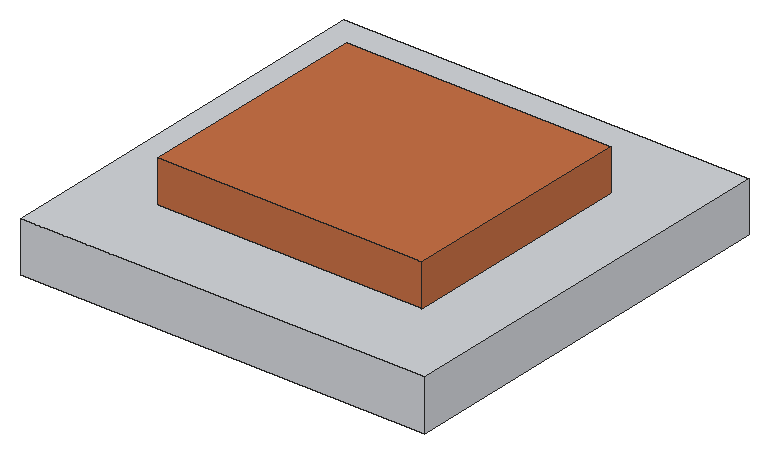
Revit family "SBP_Demande_Reservation", category Modèles génériques, Revit 2024
Family settings
  Hôte = Face
  Peut héberger une armature = Non
  Cote de connecteur circulaire = Utiliser le diamètre
  Type d'élément = Normal
  Couper avec des vides une fois chargée = Non
  Conserver l'orientation des annotations = Non
  Partagée = Non
  Repère de localisation dans la pièce = Non
Parameters
  Profondeur_Resa [instance] = 1420.147 mm
  Largeur_Resa [instance] = 1593.543 mm
  Hauteur_Resa [instance] = 400 mm
  Default Elevation = 1219.2 mm
Reference planes
  plane 1 "Center (Front/Back)": y = 0
  plane 2: z = 0
  plane 3 "Center (Left/Right)": x = 0
  plane 4: z = -400
Forms (mm)
  Extrusion 1, solid
    sketch origin (0, 0, 0) x (1, 0, 0) y (0, 1, 0)
      loop
        line (-1219.2, 1219.2) -> (-1219.2, -1219.2) -> (1219.2, -1219.2) -> (1219.2, 1219.2) -> (-1219.2, 1219.2)
    from 0 to -304.8
  Extrusion 2, solid, material "SBP_Demande_Resa_Orange"
    sketch origin (0, 0, 0) x (1, 0, 0) y (0, 1, 0)
      loop
        line (-796.771, 710.074) -> (-796.771, -710.074) -> (796.771, -710.074) -> (796.771, 710.074) -> (-796.771, 710.074)
    from -400 to 250
Dimensions and locks
  equal spacing: Extrusion 2 sketch curve, plane 1 "Center (Front/Back)", Extrusion 2 sketch curve
  equal spacing: Extrusion 2 sketch curve, plane 3 "Center (Left/Right)", Extrusion 2 sketch curve
  "Profondeur_Resa": Extrusion 2 sketch curve to Extrusion 2 sketch curve
  "Largeur_Resa": Extrusion 2 sketch curve to Extrusion 2 sketch curve
  "Hauteur_Resa": level to plane 4
  aligned and locked: plane 2 to Extrusion 1
  aligned and locked: level to Extrusion 1
  aligned and locked: Extrusion 2 to plane 4
Automatic sketch dimensions
  Extrusion 1 sketch curve to Extrusion 1 sketch curve = 2438.4 mm  (x2)
